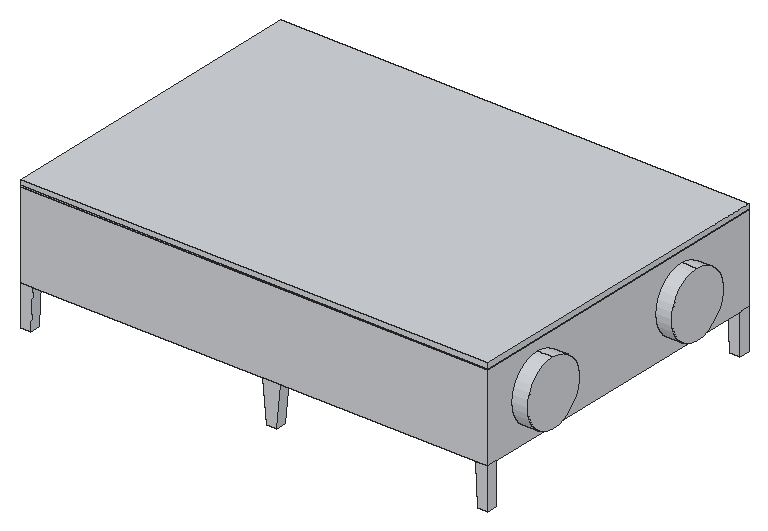
Revit family "AHU 2 _2", category Mechanické zařízení, Revit 2018
Family settings
  Kóta kulaté spojky = Použít průměr
  Typ dílu = Normální
  Číslo OmniClass = 23.75.00.00
  Nadpis OmniClass = Climate Control (HVAC)
  Založené na pracovní rovině = Ne
  Vždy vertikální = Ano
  Ořezat dutým tvarem při načtení = Ne
  Sdílené = Ne
  Bod výpočtu místnosti = Ne
Parameters (values of type "DUPLEXVENT 1500 Multi")
  Width [instance] = 1.6 mm
  Weight [instance] = 268.00 kg
  URL = ""
  Type [instance] = "DUPLEXVENT 1500 Multi"
  Total_SFP [instance] = 0
  Supply_outlet_hum [instance] = 90
  Supply_inlet_hum [instance] = 90
  Supply_ext_pressure [instance] = 0.0 Pa
  Supply_SFP [instance] = 0
  Source_adu_file [instance] = ""
  Recuperation_type [instance] = "Plate heat recovery exchanger"
  Recuperation_efficiency_EN308 [instance] = 0
  Project_name [instance] = ""
  Project_date [instance] = "9.8.2023"
  Power_supply_fusing [instance] = "0"
  Power_supply_cable [instance] = "0"
  Position [instance] = "AHU 2 "
  Phases_count [instance] = 1
  Panel_thickness [instance] = 0.06 mm
  Outer_surface [instance] = "RAL 9002"
  Length [instance] = 2.3 mm
  Insulation_type [instance] = "PUR"
  Insulation_thickness [instance] = 0.05 mm
  Installation_environment [instance] = ""
  Input_power_max [instance] = 1560 W
  Inner_surface [instance] = "Pozink"
  I2 [instance] = I1  # 0.0 L/s
  Height [instance] = 0.455 mm
  Exhaust_outlet_hum [instance] = 0
  Exhaust_inlet_hum [instance] = 40
  Exhaust_ext_pressure [instance] = 0.0 Pa
  Exhaust_SFP [instance] = 0
  E1 [instance] = E2 - M1  # 0.0 L/s
  E2 [instance] = 0.0 L/s
  I1 [instance] = 0.0 L/s
  Description = ""
  M1 [instance] = 0.0 L/s
  Device_dutypoint_version [instance] = "2"
  Device_design_version [instance] = "17"
  Device_adu_id [instance] = "2"
  Current_max [instance] = 7.8 A
  Casing_mat [instance] = "painted zinc layer"
  Cable type [instance] = "CYKY 3Jx2,5"
Reference planes
  plane 1 "Střed (vpředu/vzadu)": y = 0
  plane 2 "ref": z = 0
  plane 3 "Střed (vlevo/vpravo)": x = 0
Forms (mm)
  Sweep 1, solid
    path origin (0, 0, -425) x (0, 0, 1) y (1, 0, 0)
      loop
        line (0, 0) -> (425, 0)
    profile origin (0, 0, -425) x (1, 0, 0) y (0, 1, 0)
      loop
        line (0, 0) -> (2300, 0) -> (2300, 1600) -> (0, 1600) -> (0, 0)
  Sweep 2, solid
    path origin (0, 0, 0) x (0, 0, 1) y (1, 0, 0)
      loop
        line (0, 0) -> (30, 0)
    profile origin (0, 0, 0) x (1, 0, 0) y (0, 1, 0)
      loop
        line (0, 0) -> (2300, 0) -> (2300, 1600) -> (0, 1600) -> (0, 0)
  Sweep 3, solid
    path origin (0, 300, -205) x (0, 0, -1) y (1, 0, 0)
      loop
        line (0, 0) -> (0, -80)
    profile origin (0, 300, -205) x (0, 0, -1) y (0, -1, 0)
      loop
        circle (0, 0) r 158
  Sweep 4, solid
    path origin (2300, 1185, -205) x (0, 0, -1) y (1, 0, 0)
      loop
        line (0, 0) -> (0, 80)
    profile origin (2300, 1185, -205) x (0, 0, 1) y (0, -1, 0)
      loop
        circle (0, 0) r 158
  Sweep 5, solid
    path origin (2300, 300, -205) x (0, 0, -1) y (1, 0, 0)
      loop
        line (0, 0) -> (0, 80)
    profile origin (2300, 300, -205) x (0, 0, 1) y (0, -1, 0)
      loop
        circle (0, 0) r 158
  Sweep 6, solid
    path origin (0, 1370, -205) x (0, 0, -1) y (1, 0, 0)
      loop
        line (0, 0) -> (0, -80)
    profile origin (0, 1370, -205) x (0, 0, -1) y (0, -1, 0)
      loop
        circle (0, 0) r 158
  Sweep 7, solid
    path origin (404, 1508, -425) x (0, -1, 0) y (0, 0, 1)
      loop
        line (0, 0) -> (0, -150)
    profile origin (404, 1508, -425) x (-1, 0, 0) y (0, -1, 0)
      loop
        circle (0, 0) r 20
  Sweep 8, solid
    path origin (1208, 1508, -425) x (0, -1, 0) y (0, 0, 1)
      loop
        line (0, 0) -> (0, -150)
    profile origin (1208, 1508, -425) x (-1, 0, 0) y (0, -1, 0)
      loop
        circle (0, 0) r 20
  Sweep 9, solid
    path origin (0, 0, 5) x (0, 0, 1) y (1, 0, 0)
      loop
        line (0, 0) -> (25, 0)
    profile origin (0, 0, 5) x (1, 0, 0) y (0, 1, 0)
      loop
        line (0, 0) -> (2300, 0) -> (2300, 1600) -> (0, 1600) -> (0, 0)
  Sweep 10, solid
    path origin (25, 50, -425) x (1, 0, 0) y (0, 1, 0)
      loop
        line (0, 0) -> (0, -50)
    profile origin (25, 50, -425) x (1, 0, 0) y (0, 0, 1)
      loop
        line (-25, 0) -> (-25, -200) -> (25, -200) -> (35, 0) -> (-25, 0)
  Sweep 11, solid
    path origin (2275, 50, -425) x (1, 0, 0) y (0, 1, 0)
      loop
        line (0, 0) -> (0, -50)
    profile origin (2275, 50, -425) x (1, 0, 0) y (0, 0, 1)
      loop
        line (-35, 0) -> (-25, -200) -> (25, -200) -> (25, 0) -> (-35, 0)
  Sweep 12, solid
    path origin (25, 1600, -425) x (1, 0, 0) y (0, 1, 0)
      loop
        line (0, 0) -> (0, -50)
    profile origin (25, 1600, -425) x (1, 0, 0) y (0, 0, 1)
      loop
        line (-25, 0) -> (-25, -200) -> (25, -200) -> (35, 0) -> (-25, 0)
  Sweep 13, solid
    path origin (2275, 1600, -425) x (1, 0, 0) y (0, 1, 0)
      loop
        line (0, 0) -> (0, -50)
    profile origin (2275, 1600, -425) x (1, 0, 0) y (0, 0, 1)
      loop
        line (-35, 0) -> (-25, -200) -> (25, -200) -> (25, 0) -> (-35, 0)
  Sweep 14, solid
    path origin (1237, 50, -425) x (1, 0, 0) y (0, 1, 0)
      loop
        line (0, 0) -> (0, -50)
    profile origin (1237, 50, -425) x (1, 0, 0) y (0, 0, 1)
      loop
        line (-45, 0) -> (-25, -200) -> (25, -200) -> (45, 0) -> (-45, 0)
  Sweep 15, solid
    path origin (1063, 1600, -425) x (1, 0, 0) y (0, 1, 0)
      loop
        line (0, 0) -> (0, -50)
    profile origin (1063, 1600, -425) x (1, 0, 0) y (0, 0, 1)
      loop
        line (-45, 0) -> (-25, -200) -> (25, -200) -> (45, 0) -> (-45, 0)
  Sweep 16, solid
    path origin (1150, 830, -425) x (1, 0, 0) y (0, 1, 0)
      loop
        line (0, 0) -> (0, -50)
    profile origin (1150, 830, -425) x (1, 0, 0) y (0, 0, 1)
      loop
        line (-45, 0) -> (-25, -200) -> (25, -200) -> (45, 0) -> (-45, 0)
  Sweep 17, solid
    path origin (0, 0, -415) x (0, 0, 1) y (1, 0, 0)
      loop
        line (0, 0) -> (305, 0)
    profile origin (0, 0, -415) x (1, 0, 0) y (0, 1, 0)
      loop
        line (585, 1600) -> (990, 1600) -> (990, 1690) -> (585, 1690) -> (585, 1600)
  Sweep 18, solid
    path origin (585, 1645, -263) x (0, 0, -1) y (1, 0, 0)
      loop
        line (0, 0) -> (0, -1)
    profile origin (585, 1645, -263) x (0, 0, -1) y (0, -1, 0)
      loop
        circle (0, 0) r 10
Lines and regions (mm)
  model lines, style "Symbol"
    curve 1: line (943, 0, 30) -> (943, 320, 30)
    curve 2: line (943, 1600, 30) -> (943, 1280, 30)
    curve 3: line (0, 800, 30) -> (463, 800, 30)
    curve 4: line (2300, 800, 30) -> (1423, 800, 30)
    curve 5: line (463, 800, 30) -> (703, 1280, 30)
    curve 6: line (703, 1280, 30) -> (1183, 1280, 30)
    curve 7: line (1183, 1280, 30) -> (1423, 800, 30)
    curve 8: line (1423, 800, 30) -> (1183, 320, 30)
    curve 9: line (1183, 320, 30) -> (943, 320, 30)
    curve 10: line (943, 320, 30) -> (703, 320, 30)
    curve 11: line (703, 320, 30) -> (463, 800, 30)
    curve 12: line (1948, 1314, 30) -> (2204, 1270, 30)
    curve 13: line (1948, 1086, 30) -> (2204, 1130, 30)
    curve 14: line (352, 1086, 30) -> (96, 1130, 30)
    curve 15: line (352, 1314, 30) -> (96, 1270, 30)
    curve 16: line (46, 160, 30) -> (46, 640, 30)
    curve 17: line (46, 640, 30) -> (184, 640, 30)
    curve 18: line (184, 640, 30) -> (184, 160, 30)
    curve 19: line (184, 160, 30) -> (46, 160, 30)
    curve 20: line (115, 160, 30) -> (184, 400, 30)
    curve 21: line (115, 640, 30) -> (184, 400, 30)
    curve 22: line (2254, 640, 30) -> (2254, 160, 30)
    curve 23: line (2254, 160, 30) -> (2116, 160, 30)
    curve 24: line (2116, 160, 30) -> (2116, 640, 30)
    curve 25: line (2116, 640, 30) -> (2254, 640, 30)
    curve 26: line (2185, 640, 30) -> (2116, 400, 30)
    curve 27: line (2185, 160, 30) -> (2116, 400, 30)
    curve 28: line (616, 280, 30) -> (398, 708, 30)
    curve 29: line (398, 708, 30) -> (470, 744, 30)
    curve 30: line (470, 744, 30) -> (688, 316, 30)
    curve 31: line (688, 316, 30) -> (616, 280, 30)
    curve 32: line (485, 554, 30) -> (513, 641, 30)
    curve 33: line (573, 383, 30) -> (601, 470, 30)
    curve 34: line (378, 1508, -425) -> (430, 1508, -425)
    curve 35: line (404, 1482, -425) -> (404, 1534, -425)
    curve 36: line (1182, 1508, -425) -> (1234, 1508, -425)
    curve 37: line (1208, 1482, -425) -> (1208, 1534, -425)
    curve 38: line (0, 0, 1230) -> (0, 0, 30)
    curve 39: line (2300, 0, 1230) -> (2300, 0, 30)
    curve 40: line (0, 0, 1230) -> (2300, 0, 1230)
    curve 41: line (0, 1600, 1230) -> (0, 1600, 30)
    curve 42: line (2300, 1600, 1230) -> (2300, 1600, 30)
    curve 43: line (0, 1600, 1230) -> (2300, 1600, 1230)
    curve 44: line (0, 0, 1230) -> (0, 1600, 1230)
    curve 45: line (2300, 0, 1230) -> (2300, 1600, 1230)
    curve 46: line (0, 1400, 1230) -> (200, 1600, 1230)
    curve 47: line (0, 1200, 1230) -> (400, 1600, 1230)
    curve 48: line (0, 1000, 1230) -> (600, 1600, 1230)
    curve 49: line (0, 800, 1230) -> (800, 1600, 1230)
    curve 50: line (0, 600, 1230) -> (1000, 1600, 1230)
    curve 51: line (0, 400, 1230) -> (1200, 1600, 1230)
    curve 52: line (0, 200, 1230) -> (1400, 1600, 1230)
    curve 53: line (0, 0, 1230) -> (1600, 1600, 1230)
    curve 54: line (200, 0, 1230) -> (1800, 1600, 1230)
    curve 55: line (400, 0, 1230) -> (2000, 1600, 1230)
    curve 56: line (600, 0, 1230) -> (2200, 1600, 1230)
    curve 57: line (800, 0, 1230) -> (2300, 1500, 1230)
    curve 58: line (1000, 0, 1230) -> (2300, 1300, 1230)
    curve 59: line (1200, 0, 1230) -> (2300, 1100, 1230)
    curve 60: line (1400, 0, 1230) -> (2300, 900, 1230)
    curve 61: line (1600, 0, 1230) -> (2300, 700, 1230)
    curve 62: line (1800, 0, 1230) -> (2300, 500, 1230)
    curve 63: line (2000, 0, 1230) -> (2300, 300, 1230)
    curve 64: line (2200, 0, 1230) -> (2300, 100, 1230)
    curve 65: line (2300, 1400, 1230) -> (2300, 1600, 1030)
    curve 66: line (2300, 1200, 1230) -> (2300, 1600, 830)
    curve 67: line (2300, 1000, 1230) -> (2300, 1600, 630)
    curve 68: line (2300, 800, 1230) -> (2300, 1600, 430)
    curve 69: line (2300, 600, 1230) -> (2300, 1600, 230)
    curve 70: line (2300, 400, 1230) -> (2300, 1600, 30)
    curve 71: line (2300, 200, 1230) -> (2300, 1400, 30)
    curve 72: line (2300, 0, 1230) -> (2300, 1200, 30)
    curve 73: line (2300, 0, 1030) -> (2300, 1000, 30)
    curve 74: line (2300, 0, 830) -> (2300, 800, 30)
    curve 75: line (2300, 0, 630) -> (2300, 600, 30)
    curve 76: line (2300, 0, 430) -> (2300, 400, 30)
    curve 77: line (2300, 0, 230) -> (2300, 200, 30)
    curve 78: line (0, 1600, 1030) -> (200, 1600, 1230)
    curve 79: line (0, 1600, 830) -> (400, 1600, 1230)
    curve 80: line (0, 1600, 630) -> (600, 1600, 1230)
    curve 81: line (0, 1600, 430) -> (800, 1600, 1230)
    curve 82: line (0, 1600, 230) -> (1000, 1600, 1230)
    curve 83: line (0, 1600, 30) -> (1200, 1600, 1230)
    curve 84: line (200, 1600, 30) -> (1400, 1600, 1230)
    curve 85: line (400, 1600, 30) -> (1600, 1600, 1230)
    curve 86: line (600, 1600, 30) -> (1800, 1600, 1230)
    curve 87: line (800, 1600, 30) -> (2000, 1600, 1230)
    curve 88: line (1000, 1600, 30) -> (2200, 1600, 1230)
    curve 89: line (1200, 1600, 30) -> (2300, 1600, 1130)
    curve 90: line (1400, 1600, 30) -> (2300, 1600, 930)
    curve 91: line (1600, 1600, 30) -> (2300, 1600, 730)
    curve 92: line (1800, 1600, 30) -> (2300, 1600, 530)
    curve 93: line (2000, 1600, 30) -> (2300, 1600, 330)
    curve 94: line (2200, 1600, 30) -> (2300, 1600, 130)
    curve 95: line (0, 2320, 0) -> (0, 1600, 0)
    curve 96: line (2300, 2320, 0) -> (2300, 1600, 0)
    curve 97: line (0, 2320, 0) -> (2300, 2320, 0)
    curve 98: line (0, 2320, -425) -> (0, 1600, -425)
    curve 99: line (2300, 2320, -425) -> (2300, 1600, -425)
    curve 100: line (0, 2320, -425) -> (2300, 2320, -425)
    curve 101: line (0, 2320, 0) -> (0, 2320, -425)
    curve 102: line (2300, 2320, 0) -> (2300, 2320, -425)
    curve 103: line (0, 2320, -225) -> (200, 2320, -425)
    curve 104: line (0, 2320, -25) -> (400, 2320, -425)
    curve 105: line (175, 2320, 0) -> (600, 2320, -425)
    curve 106: line (375, 2320, 0) -> (800, 2320, -425)
    curve 107: line (575, 2320, 0) -> (1000, 2320, -425)
    curve 108: line (775, 2320, 0) -> (1200, 2320, -425)
    curve 109: line (975, 2320, 0) -> (1400, 2320, -425)
    curve 110: line (1175, 2320, 0) -> (1600, 2320, -425)
    curve 111: line (1375, 2320, 0) -> (1800, 2320, -425)
    curve 112: line (1575, 2320, 0) -> (2000, 2320, -425)
    curve 113: line (1775, 2320, 0) -> (2200, 2320, -425)
    curve 114: line (1975, 2320, 0) -> (2300, 2320, -325)
    curve 115: line (2175, 2320, 0) -> (2300, 2320, -125)
    curve 116: line (2300, 2320, -225) -> (2300, 2120, -425)
    curve 117: line (2300, 2320, -25) -> (2300, 1920, -425)
    curve 118: line (2300, 2145, 0) -> (2300, 1720, -425)
    curve 119: line (2300, 1945, 0) -> (2300, 1600, -345)
    curve 120: line (2300, 1745, 0) -> (2300, 1600, -145)
    curve 121: line (0, 2120, -425) -> (200, 2320, -425)
    curve 122: line (0, 1920, -425) -> (400, 2320, -425)
    curve 123: line (0, 1720, -425) -> (600, 2320, -425)
    curve 124: line (80, 1600, -425) -> (800, 2320, -425)
    curve 125: line (280, 1600, -425) -> (1000, 2320, -425)
    curve 126: line (480, 1600, -425) -> (1200, 2320, -425)
    curve 127: line (680, 1600, -425) -> (1400, 2320, -425)
    curve 128: line (880, 1600, -425) -> (1600, 2320, -425)
    curve 129: line (1080, 1600, -425) -> (1800, 2320, -425)
    curve 130: line (1280, 1600, -425) -> (2000, 2320, -425)
    curve 131: line (1480, 1600, -425) -> (2200, 2320, -425)
    curve 132: line (1680, 1600, -425) -> (2300, 2220, -425)
    curve 133: line (1880, 1600, -425) -> (2300, 2020, -425)
    curve 134: line (2080, 1600, -425) -> (2300, 1820, -425)
    curve 135: line (2280, 1600, -425) -> (2300, 1620, -425)
    curve 136: line (2300, 0, -625) -> (2300, 0, -425)
    curve 137: line (0, 0, -625) -> (0, 0, -425)
    curve 138: line (2300, 0, -625) -> (0, 0, -625)
    curve 139: line (2300, 1600, -625) -> (2300, 1600, -425)
    curve 140: line (0, 1600, -625) -> (0, 1600, -425)
    curve 141: line (2300, 1600, -625) -> (0, 1600, -625)
    curve 142: line (2300, 0, -625) -> (2300, 1600, -625)
    curve 143: line (0, 0, -625) -> (0, 1600, -625)
    curve 144: line (2300, 1400, -625) -> (2100, 1600, -625)
    curve 145: line (2300, 1200, -625) -> (1900, 1600, -625)
    curve 146: line (2300, 1000, -625) -> (1700, 1600, -625)
    curve 147: line (2300, 800, -625) -> (1500, 1600, -625)
    curve 148: line (2300, 600, -625) -> (1300, 1600, -625)
    curve 149: line (2300, 400, -625) -> (1100, 1600, -625)
    curve 150: line (2300, 200, -625) -> (900, 1600, -625)
    curve 151: line (2300, 0, -625) -> (700, 1600, -625)
    curve 152: line (2100, 0, -625) -> (500, 1600, -625)
    curve 153: line (1900, 0, -625) -> (300, 1600, -625)
    curve 154: line (1700, 0, -625) -> (100, 1600, -625)
    curve 155: line (1500, 0, -625) -> (0, 1500, -625)
    curve 156: line (1300, 0, -625) -> (0, 1300, -625)
    curve 157: line (1100, 0, -625) -> (0, 1100, -625)
    curve 158: line (900, 0, -625) -> (0, 900, -625)
    curve 159: line (700, 0, -625) -> (0, 700, -625)
    curve 160: line (500, 0, -625) -> (0, 500, -625)
    curve 161: line (300, 0, -625) -> (0, 300, -625)
    curve 162: line (100, 0, -625) -> (0, 100, -625)
    curve 163: line (0, 1400, -625) -> (0, 1600, -425)
    curve 164: line (0, 1200, -625) -> (0, 1400, -425)
    curve 165: line (0, 1000, -625) -> (0, 1200, -425)
    curve 166: line (0, 800, -625) -> (0, 1000, -425)
    curve 167: line (0, 600, -625) -> (0, 800, -425)
    curve 168: line (0, 400, -625) -> (0, 600, -425)
    curve 169: line (0, 200, -625) -> (0, 400, -425)
    curve 170: line (0, 0, -625) -> (0, 200, -425)
    curve 171: line (2300, 1600, -425) -> (2100, 1600, -625)
    curve 172: line (2100, 1600, -425) -> (1900, 1600, -625)
    curve 173: line (1900, 1600, -425) -> (1700, 1600, -625)
    curve 174: line (1700, 1600, -425) -> (1500, 1600, -625)
    curve 175: line (1500, 1600, -425) -> (1300, 1600, -625)
    curve 176: line (1300, 1600, -425) -> (1100, 1600, -625)
    curve 177: line (1100, 1600, -425) -> (900, 1600, -625)
    curve 178: line (900, 1600, -425) -> (700, 1600, -625)
    curve 179: line (700, 1600, -425) -> (500, 1600, -625)
    curve 180: line (500, 1600, -425) -> (300, 1600, -625)
    curve 181: line (300, 1600, -425) -> (100, 1600, -625)
    curve 182: line (100, 1600, -425) -> (0, 1600, -525)
    curve 183: line (0, 0, 30) -> (0, 1600, 30)
    curve 184: line (0, 1600, 30) -> (920, 1600, 30)
    curve 185: line (920, 1600, 30) -> (920, 0, 30)
    curve 186: line (920, 0, 30) -> (0, 0, 30)
    curve 187: line (1180, 0, 30) -> (1180, 1600, 30)
    curve 188: line (1180, 1600, 30) -> (2300, 1600, 30)
    curve 189: line (2300, 1600, 30) -> (2300, 0, 30)
    curve 190: line (2300, 0, 30) -> (1180, 0, 30)
    curve 191: line (0, 0, 30) -> (2300, 0, 30)
    curve 192: line (0, 1600, 30) -> (2300, 1600, 30)
    curve 193: line (0, 0, 30) -> (0, 1600, 30)
    curve 194: line (2300, 0, 30) -> (2300, 1600, 30)
    curve 195: line (0, 0, 30) -> (0, 0, 5)
    curve 196: line (2300, 0, 30) -> (2300, 0, 5)
    curve 197: line (0, 1600, 30) -> (0, 1600, 5)
    curve 198: line (2300, 1600, 30) -> (2300, 1600, 5)
    curve 199: circle (2060, 1200, 30) r 160 normal (0, 0, 1)
    curve 200: circle (240, 1200, 30) r 160 normal (0, 0, 1)
    curve 201: circle (499, 598, 30) r 12 normal (0, 0, 1)
    curve 202: circle (587, 426, 30) r 12 normal (0, 0, 1)
    curve 203: circle (404, 1508, -425) r 20 normal (0, 0, 1)
    curve 204: circle (1208, 1508, -425) r 20 normal (0, 0, 1)
Dimensions and locks
  aligned and locked: level to plane 2 "ref"
Connectors
  hvac at (-80, 300, -205), driven by "E1"
    settings: on Sweep 3, index 1, duct flow 0.0 L/s, flow factor 0, pres drop 0.0 Pa, loss coef 0, conn angle 0.00°, conn width 304.8 mm, conn height 304.8 mm, conn diameter 315 mm, duct sys type 1, conn prof type 0, flow config 1, flow direction 1, loss method 0, conn ref index -1, conn util no, is conn primary yes, conn desc ""
  hvac at (2380, 1185, -205), driven by "E2"
    settings: on Sweep 4, index 2, duct flow 0.0 L/s, flow factor 1, pres drop 0.0 Pa, loss coef 0, conn angle 0.00°, conn width 304.8 mm, conn height 304.8 mm, conn diameter 315 mm, duct sys type 1, conn prof type 0, flow config 2, flow direction 2, loss method 0, conn ref index -1, conn util no, is conn primary no, conn desc ""
  hvac at (2380, 300, -205), driven by "I1"
    settings: on Sweep 5, index 3, duct flow 0.0 L/s, flow factor 1, pres drop 0.0 Pa, loss coef 0, conn angle 0.00°, conn width 304.8 mm, conn height 304.8 mm, conn diameter 315 mm, duct sys type 3, conn prof type 0, flow config 2, flow direction 1, loss method 0, conn ref index -1, conn util no, is conn primary no, conn desc ""
  hvac at (-80, 1370, -205), driven by "I2"
    settings: on Sweep 6, index 4, duct flow 0.0 L/s, flow factor 0, pres drop 0.0 Pa, loss coef 0, conn angle 0.00°, conn width 304.8 mm, conn height 304.8 mm, conn diameter 315 mm, duct sys type 3, conn prof type 0, flow config 1, flow direction 2, loss method 0, conn ref index -1, conn util no, is conn primary no, conn desc ""
  piping at (404, 1508, -575), diameter 40
    settings: on Sweep 7, index 5, connector inside diameter 609.6 mm, connector length 0 mm, flow factor 0, pipe flow 0.0 L/s, pressure drop 0.0 Pa, fitting loss kfactor 0, connector angle 0.00°, fixture units 0, engagement length 0 mm, angle of deflection 0.00°, flow configuration 1, flow direction 2, fitting loss method 0, system type 16, joint type 0, gender type 0, connector reference index -1, connector utility 0, adjustable connector no, is connector primary yes, connector description ""
  piping at (1208, 1508, -575), diameter 40
    settings: on Sweep 8, index 6, connector inside diameter 609.6 mm, connector length 0 mm, flow factor 0, pipe flow 0.0 L/s, pressure drop 0.0 Pa, fitting loss kfactor 0, connector angle 0.00°, fixture units 0, engagement length 0 mm, angle of deflection 0.00°, flow configuration 1, flow direction 2, fitting loss method 0, system type 16, joint type 0, gender type 0, connector reference index -1, connector utility 0, adjustable connector no, is connector primary no, connector description ""
  electrical at (584, 1645, -263)
    settings: on Sweep 18, index 7, voltage 230 V, apparent load 0 VA, apparent load phase1 0 VA, apparent load phase2 0 VA, apparent load phase3 0 VA, power factor 1, load classification "Další", number of poles 1, system type 31, power factor state 1, is connector primary yes, connector utility no, sub classification motor no, connector description ""
